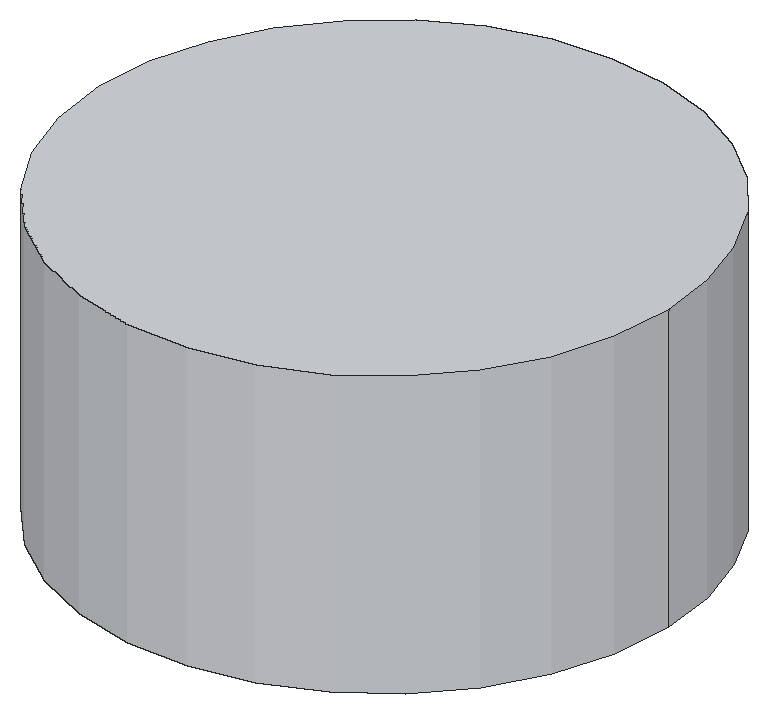
Revit family "10601605", category Specialty Equipment, Revit 2020
Family settings
  Round Connector Dimension = Use Diameter
  Part Type = Normal
  OmniClass Number = 23.40.40.14
  OmniClass Title = Food Service Equipment
  Work Plane-Based = No
  Always vertical = Yes
  Cut with Voids When Loaded = No
  Shared = No
  Room Calculation Point = No
Parameters (values of type "Standard")
  URL = "https://www.rustfriebergh.no/produkter/serveringsdisker/serveringsdisk-rbrm-ff/"
  Model = "10601605"
  Manufacturer = "RUSTFRIE BERGH AS"
  Description = "Serveringsdisk RBRM-FF-1600"
  Default Elevation = 0 mm
Reference planes
  plane 1 "Center (Front/Back)": y = 0
  plane 2: z = 0
  plane 3 "Center (Left/Right)": x = 0
Forms (mm)
  Extrusion 1, solid
    sketch origin (536.01, 224.4, 191) x (1, 0, 0) y (0, 1, 0)
      loop
        circle (0, 0) r 3.048
    from 0 to -3.048
Dimensions and locks
  aligned and locked: level to plane 2
Connectors
  electrical at (536.01, 224.4, 191)
    settings: on Extrusion 1, index 1, voltage 230 V, apparent load 0 VA, apparent load phase1 0 VA, apparent load phase2 0 VA, apparent load phase3 0 VA, power factor 0, load classification "850W", number of poles 1, system type 30, power factor state 1, is connector primary yes, connector utility no, sub classification motor no, connector description "230V 50/60HZ 3,7A"
